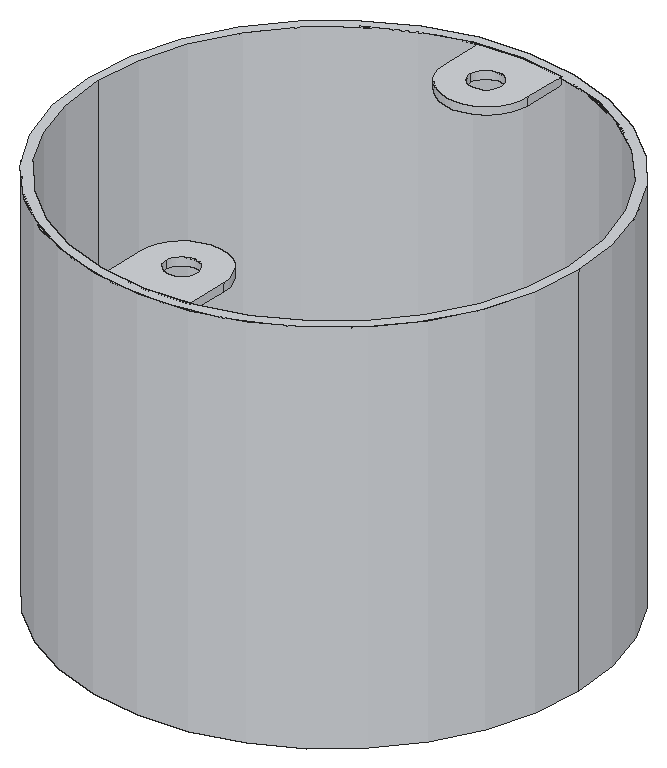
Revit family "SR50G", category Generic Models, Revit 2017
Family settings
  Can host rebar = No
  Round Connector Dimension = Use Diameter
  Part Type = Normal
  Work Plane-Based = Yes
  Always vertical = No
  Cut with Voids When Loaded = No
  Shared = No
  Room Calculation Point = No
Parameters (values of type "NBS Standard Parameters")
  Weight = "0.116Kg"
  WarrantyStartDate [instance] = "1900-12-31T23:59:59"
  WarrantyGuarantorParts = "n/a"
  WarrantyGuarantorLabor = "n/a"
  WarrantyDurationUnit = "year"
  WarrantyDurationParts = "n/a"
  WarrantyDurationLabor = "n/a"
  WarrantyDescription = "n/a"
  Version = "1"
  Uniclass2 = "Pr_65_70_11_20"
  TagNumber [instance] = "n/a"
  SustainabilityPerformance = "n/a"
  Size = "50mm"
  Shape = "Circular"
  SerialNumber [instance] = "n/a"
  Revision = "n/a"
  ReplacementCost = "n/a"
  ProductInformation = "www.metpro.co.uk/pdf/sr50g.pdf"
  NominalWidth = 65 mm
  NominalLength = 65 mm
  NominalHeight = 50 mm
  Name = ""
  NBSTypeID = ""
  NBSReference = "90-55-10/460"
  NBSOfficeMasterTag = ""
  NBSNote = ""
  NBSDescription = "Conduit Fittings"
  NBSCertification = ""
  ModelReference = "SR50G"
  ModelNumber = "n/a"
  Material = "steel"
  ManufacturerURL = "www.metpro.co.uk"
  ManufacturerName = "Metpro Ltd"
  InstallationDate [instance] = "1900-12-31T23:59:59"
  IfcExportType = ""
  IfcExportAs = ""
  Grade = "n/a"
  Finish = "BZP"
  Features = "n/a"
  ExpectedLife = "n/a"
  DurationUnit = "year"
  Description = "SR50G - 50mm Extension Ring"
  Default Elevation = 1219.2 mm
  Constituents = "n/a"
  Color = "n/a"
  CodePerformance = "n/a"
  Category = "n/a"
  BarCode [instance] = "n/a"
  BIMObjectName = "Metpro_metprolibrary_conduitfittings_metalcomponent_steelaccessories"
  Author = "Metpro Ltd"
  AssetType = ""
  AssetIdentifier [instance] = "n/a"
  AccessibilityPerformance = "n/a"
Reference planes
  plane 1 "Center (Front/Back)": y = 0
  plane 2: z = 0
  plane 3 "Center (Left/Right)": x = 0
Forms (mm)
  Extrusion 1, solid
    sketch origin (0, 0, 0) x (1, 0, 0) y (0, 1, 0)
      loop
        circle (0, 0) r 32.5
      loop
        circle (0, 0) r 31.25
    from 0 to 50
  Extrusion 2, solid
    sketch origin (0, 0, 50) x (1, 0, 0) y (0, 1, 0)
      loop
        arc (5.546, -25.174) -> (0.046, -19.674) -> (-5.454, -25.174) r 5.5
        line (-5.454, -25.174) -> (-5.454, -30.77)
        arc (-5.454, -30.77) -> (0.047, -31.25) -> (5.546, -30.754) r 31.25
        line (5.546, -30.754) -> (5.546, -25.174)
      loop
        circle (0, -25.2) r 2.1
      loop
        line (5.546, 25.174) -> (5.546, 30.754)
        arc (5.546, 30.754) -> (0.047, 31.25) -> (-5.454, 30.77) r 31.25
        line (-5.454, 30.77) -> (-5.454, 25.174)
        arc (-5.454, 25.174) -> (0.046, 19.674) -> (5.546, 25.174) r 5.5
      loop
        circle (0, 25.2) r 2.1
    from 0 to -1
  Extrusion 3, solid
    sketch origin (0, 0, 0) x (0, 1, 0) y (1, 0, 0)
      loop
        line (5.546, 25.174) -> (5.546, 30.754)
        arc (5.546, 30.754) -> (0.047, 31.25) -> (-5.454, 30.77) r 31.25
        line (-5.454, 30.77) -> (-5.454, 25.174)
        arc (-5.454, 25.174) -> (0.046, 19.674) -> (5.546, 25.174) r 5.5
      loop
        circle (0, 25.2) r 2.1
      loop
        arc (5.546, -25.174) -> (0.046, -19.674) -> (-5.454, -25.174) r 5.5
        line (-5.454, -25.174) -> (-5.454, -30.77)
        arc (-5.454, -30.77) -> (0.047, -31.25) -> (5.546, -30.754) r 31.25
        line (5.546, -30.754) -> (5.546, -25.174)
      loop
        circle (0, -25.2) r 2.1
    from 0 to -1
Dimensions and locks
  aligned and locked: level to plane 2
